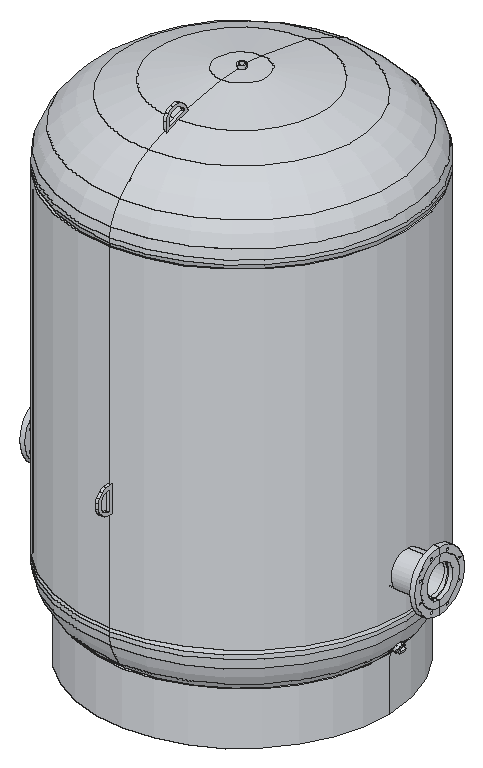
Revit family "CBT-1040-6", category Generic Models, Revit 2014
Parameters (values of type "CBT-1040-6")
  URL = "http://westank.com/"
  Tank Volume = 1040.00 gal
  Part Number = 55601040
  Model = "CBT-1040-6"
  Maximum Shipping Weight = 1945 lbf
  Flange Connector Diameter = 6"
  Description = "Wessels ASME Chilled Water Buffer Tanks (CBT) are designed for chilled water systems with insufficient water volume capacity in relation to the chiller capacity"
  D = 24 3/4"
  C = 54"
  B = 96"
  A = 60"
Reference planes (in)
  plane 1 "Center (Front/Back)": y = 0
  plane 2: z = 0
  plane 3 "Center (Left/Right)": x = 0
  plane 4: through (12.55282, -180, 5.24135) normal (0.8192, 0, -0.5736)
  plane 5: z = 0
  plane 6: x = -0.0258
  plane 7: x = -27
  plane 8: x = 27
  plane 9: x = -30
  plane 10: x = 30
  plane 11: z = 96
  plane 12: z = 24.75
Forms (in)
  Revolve 1, solid
    sketch origin (0, -0.02949, -0.00977) x (0, 1, 0) y (0, 0, 1)
      loop
        line (-29.97363, 17.73105) -> (-29.6633, 17.73105) -> (-29.97363, 16.99998)
        arc (-29.97363, 16.99998) -> (-29.9905, 16.6112) -> (-29.97363, 16.22243) r 4.48712
        arc (-29.97363, 16.22243) -> (-29.85895, 15.37903) -> (-29.6633, 14.55067) r 8.79754
        arc (-29.6633, 14.55067) -> (-28.88711, 12.6325) -> (-27.73091, 10.91637) r 9.94886
        arc (-27.73091, 10.91637) -> (-24.67675, 8.01497) -> (-21.0459, 5.87885) r 18.51926
        arc (-21.0459, 5.87885) -> (-18.06575, 4.56266) -> (-14.9758, 3.53023) r 34.88269
        arc (-14.9758, 3.53023) -> (-9.78068, 2.34042) -> (-4.49193, 1.68164) r 52.6783
        arc (-4.49193, 1.68164) -> (-2.23516, 1.55333) -> (0.02461, 1.49966) r 68.40081
        line (0.02461, 1.49966) -> (0.02461, 1.85123)
        arc (0.02461, 1.85123) -> (-2.22228, 1.90466) -> (-4.46617, 2.03225) r 68.04924
        arc (-4.46617, 2.03225) -> (-9.71963, 2.68664) -> (-14.88008, 3.86851) r 52.32673
        arc (-14.88008, 3.86851) -> (-17.94257, 4.89196) -> (-20.89606, 6.19699) r 34.53113
        arc (-20.89606, 6.19699) -> (-24.46204, 8.29337) -> (-27.46136, 11.14207) r 18.1677
        arc (-27.46136, 11.14207) -> (-28.5767, 12.79754) -> (-29.32546, 14.64794) r 9.5973
        arc (-29.32546, 14.64794) -> (-29.51329, 15.4432) -> (-29.62339, 16.25289) r 8.44598
        arc (-29.62339, 16.25289) -> (-29.63885, 16.58387) -> (-29.62776, 16.91503) r 4.13556
        line (-29.62776, 16.91503) -> (-29.33969, 17.59369) -> (-29.33969, 17.74998) -> (-29.6633, 17.74998) -> (-29.6633, 79.75016) -> (-29.33969, 79.75016) -> (-29.33969, 79.90645) -> (-29.62776, 80.58511)
        arc (-29.62776, 80.58511) -> (-29.63885, 80.91627) -> (-29.62339, 81.24725) r 4.13556
        arc (-29.62339, 81.24725) -> (-29.51329, 82.05694) -> (-29.32546, 82.8522) r 8.44598
        arc (-29.32546, 82.8522) -> (-28.5767, 84.70259) -> (-27.46136, 86.35807) r 9.5973
        arc (-27.46136, 86.35807) -> (-24.46204, 89.20676) -> (-20.89606, 91.30315) r 18.1677
        arc (-20.89606, 91.30315) -> (-17.94257, 92.60818) -> (-14.88008, 93.63163) r 34.53113
        arc (-14.88008, 93.63163) -> (-9.71963, 94.81349) -> (-4.46617, 95.46788) r 52.32673
        arc (-4.46617, 95.46788) -> (-2.22228, 95.59548) -> (0.02461, 95.6489) r 68.04924
        line (0.02461, 95.6489) -> (0.02461, 96.00047)
        arc (0.02461, 96.00047) -> (-2.23516, 95.94681) -> (-4.49193, 95.8185) r 68.40081
        arc (-4.49193, 95.8185) -> (-9.78068, 95.15972) -> (-14.9758, 93.96991) r 52.6783
        arc (-14.9758, 93.96991) -> (-18.06575, 92.93748) -> (-21.0459, 91.62128) r 34.88269
        arc (-21.0459, 91.62128) -> (-24.67675, 89.48517) -> (-27.73091, 86.58376) r 18.51926
        arc (-27.73091, 86.58376) -> (-28.88711, 84.86764) -> (-29.6633, 82.94946) r 9.94886
        arc (-29.6633, 82.94946) -> (-29.85895, 82.1211) -> (-29.97363, 81.27771) r 8.79754
        arc (-29.97363, 81.27771) -> (-29.9905, 80.88893) -> (-29.97363, 80.50016) r 4.48712
        line (-29.97363, 80.50016) -> (-29.6633, 79.76908) -> (-29.97363, 79.76908) -> (-29.97363, 17.73105)
      axis (0.02461, 1.49966) -> (0.02461, 96.00047)
    angle from 0 to 360
  Revolve 2, solid
    sketch origin (3.65844, 0, -11.55514) x (0.999996, 0, -0.002792) y (0.002792, 0, 0.999996)
      loop
        line (24.95603, 23.79747) -> (24.90436, 23.83351) -> (24.49286, 23.24353) -> (25.10843, 22.81419) -> (25.48438, 23.35322) -> (25.43312, 23.38897) -> (25.55755, 23.56737) -> (25.04492, 23.92491) -> (24.95603, 23.79747)
      axis (24.49286, 23.24353) -> (25.10843, 22.81419)
    angle from 0 to 360
  Extrusion 3, solid
    sketch origin (28.26367, -180, 12.16905) x (0.574357, 0, 0.818605) y (0, -1, 0)
      loop
        line (-0.16036, -179.52645) -> (-0.95521, -179.68698) -> (-0.79485, -180.48095) -> (0, -180.32042) -> (-0.16036, -179.52645)
    from 1.02698 to 1.52678
  Extrusion 4, solid
    sketch origin (0, -18.00821, 14.98097) x (0, 1, 0) y (0, 0, 1)
      loop
        line (-11.93439, 21.33067) -> (-11.93439, 26.202)
        arc (-11.93439, 26.202) -> (-12.47846, 26.15164) -> (-13.01533, 26.05008) r 5.77422
        arc (-13.01533, 26.05008) -> (-13.49297, 25.89754) -> (-13.94252, 25.67548) r 3.35288
        arc (-13.94252, 25.67548) -> (-14.34081, 25.36666) -> (-14.64962, 24.96837) r 2.0073
        arc (-14.64962, 24.96837) -> (-14.80343, 24.58932) -> (-14.88788, 24.18906) r 2.30742
        arc (-14.88788, 24.18906) -> (-14.91277, 23.77188) -> (-14.88788, 23.3547) r 3.50846
        arc (-14.88788, 23.3547) -> (-14.79412, 22.92876) -> (-14.61961, 22.52904) r 2.24053
        arc (-14.61961, 22.52904) -> (-14.27401, 22.08806) -> (-13.80999, 21.77406) r 1.8078
        arc (-13.80999, 21.77406) -> (-13.34321, 21.55591) -> (-12.84107, 21.44044) r 2.44481
        arc (-12.84107, 21.44044) -> (-12.39043, 21.36326) -> (-11.93439, 21.33067) r 4.65484
      loop
        arc (-12.44611, 25.63929) -> (-12.67227, 25.60073) -> (-12.89654, 25.55235) r 5.2625
        arc (-12.89654, 25.55235) -> (-13.30128, 25.42308) -> (-13.68221, 25.23491) r 2.84116
        arc (-13.68221, 25.23491) -> (-13.97364, 25.01013) -> (-14.20134, 24.72098) r 1.49558
        arc (-14.20134, 24.72098) -> (-14.3163, 24.43235) -> (-14.37979, 24.12821) r 1.7957
        arc (-14.37979, 24.12821) -> (-14.40106, 23.77188) -> (-14.37979, 23.41555) r 2.99674
        arc (-14.37979, 23.41555) -> (-14.30745, 23.08689) -> (-14.17279, 22.77846) r 1.72881
        arc (-14.17279, 22.77846) -> (-13.91552, 22.45353) -> (-13.56884, 22.22643) r 1.29608
        arc (-13.56884, 22.22643) -> (-13.1779, 22.0402) -> (-12.75531, 21.94566) r 1.9331
        arc (-12.75531, 21.94566) -> (-12.60126, 21.91347) -> (-12.44611, 21.88716) r 4.14312
        line (-12.44611, 21.88716) -> (-12.44611, 25.63929)
    from -0.24366 to 0.25634
  Extrusion 5, solid
    sketch origin (0, -33.88542, 75.23871) x (0, 0.319235, -0.947675) y (0, 0.947675, 0.319235)
      loop
        arc (-11.9298, 25.67102) -> (-12.15596, 25.63246) -> (-12.38023, 25.58408) r 5.2625
        arc (-12.38023, 25.58408) -> (-12.78497, 25.45482) -> (-13.16591, 25.26664) r 2.84116
        arc (-13.16591, 25.26664) -> (-13.45733, 25.04186) -> (-13.68503, 24.75271) r 1.49558
        arc (-13.68503, 24.75271) -> (-13.8, 24.46408) -> (-13.86349, 24.15994) r 1.7957
        arc (-13.86349, 24.15994) -> (-13.88475, 23.80361) -> (-13.86349, 23.44728) r 2.99674
        arc (-13.86349, 23.44728) -> (-13.79114, 23.11862) -> (-13.65649, 22.81019) r 1.72881
        arc (-13.65649, 22.81019) -> (-13.39922, 22.48527) -> (-13.05253, 22.25816) r 1.29608
        arc (-13.05253, 22.25816) -> (-12.66159, 22.07193) -> (-12.239, 21.97739) r 1.9331
        arc (-12.239, 21.97739) -> (-12.08496, 21.94521) -> (-11.9298, 21.91889) r 4.14312
        line (-11.9298, 21.91889) -> (-11.9298, 25.67102)
      loop
        line (-11.41103, 21.34851) -> (-11.41103, 26.20181)
        arc (-11.41103, 26.20181) -> (-12.23704, 26.14877) -> (-13.02719, 25.90227) r 3.48194
        arc (-13.02719, 25.90227) -> (-13.54727, 25.6041) -> (-13.99851, 25.20943) r 3.03185
        arc (-13.99851, 25.20943) -> (-14.28248, 24.55653) -> (-14.39992, 23.8543) r 2.91879
        arc (-14.39992, 23.8543) -> (-14.3348, 23.1787) -> (-14.08611, 22.54717) r 2.44012
        arc (-14.08611, 22.54717) -> (-13.716, 22.08641) -> (-13.21844, 21.76749) r 1.83162
        arc (-13.21844, 21.76749) -> (-12.33366, 21.47637) -> (-11.41103, 21.34851) r 5.1769
    from -0.24366 to 0.25634
  Extrusion 6, solid
    sketch origin (0, 0, 0) x (1, 0, 0) y (0, 1, 0)
      loop
        circle (0, 0) r 0.75
      loop
        circle (0, 0) r 0.5
    from 95.70829 to 96.43302
  Extrusion 7, void
    sketch origin (0, 0, 0) x (1, 0, 0) y (0, 1, 0)
      loop
        circle (0, 0) r 0.5
    from 94.47772 to 96.88292
  Revolve 8, solid
    sketch origin (0, 0, 0) x (1, 0, 0) y (0, 0, 1)
      loop
        line (26.68524, 9.73105) -> (26.68524, 0) -> (26.99808, 0) -> (26.99808, 9.73105) -> (26.68524, 9.73105)
      axis (0, 9.73105) -> (0, 0)
    angle from 0 to 360
  Extrusion 9, void
    sketch origin (0, 0, 0.75) x (0, 1, 0) y (0, 0, 1)
      loop
        circle (0, 24) r 3.0325
    from -31.75655 to 32.4227
  Revolve 10, solid
    sketch origin (-4.98614, 0, 3.5004) x (-1, 0, 0) y (0, 0, 1)
      loop
        line (29.44943, 18.22631) -> (29.44943, 17.46835) -> (30.01385, 17.46835) -> (30.01385, 15.74948) -> (30.95129, 15.74948) -> (30.95129, 16.99948) -> (31.01386, 16.99948) -> (31.01386, 18.22631) -> (29.44943, 18.22631)
      axis (31.01386, 21.2496) -> (29.44943, 21.2496)
    angle from 0 to 360
  Revolve 11, solid
    sketch origin (-3.60333, 0, 3.47111) x (1, 0, 0) y (0, 0, 1)
      loop
        line (-31.45518, 18.24639) -> (-31.45518, 17.96639) -> (-25.14667, 17.96639) -> (-25.14667, 18.24639) -> (-31.45518, 18.24639)
      axis (-31.45518, 21.27889) -> (-25.14667, 21.27889)
    angle from 0 to 360
  Extrusion 12, void
    sketch origin (0, 0, 2.24977) x (0, 1, 0) y (0, 0, 1)
      loop
        circle (-1.82741, 26.88747) r 0.37755
      loop
        circle (-4.3848, 24.31916) r 0.36868
      loop
        circle (-4.39273, 20.68266) r 0.37144
      loop
        circle (-1.8188, 18.113) r 0.36535
      loop
        circle (1.80963, 18.11275) r 0.37637
      loop
        circle (4.38696, 20.68585) r 0.38076
      loop
        circle (4.39164, 24.318) r 0.36684
      loop
        circle (1.81614, 26.89587) r 0.36403
    from -37.7315 to -32.22895
  Revolve 13, solid
    sketch origin (4.98614, 0, 3.5004) x (1, 0, 0) y (0, 0, 1)
      loop
        line (29.44943, 18.22631) -> (29.44943, 17.46835) -> (30.01385, 17.46835) -> (30.01385, 15.74948) -> (30.95129, 15.74948) -> (30.95129, 16.99948) -> (31.01386, 16.99948) -> (31.01386, 18.22631) -> (29.44943, 18.22631)
      axis (31.01386, 21.2496) -> (29.44943, 21.2496)
    angle from 0 to 360
  Revolve 14, solid
    sketch origin (3.60333, 0, 3.47111) x (-1, 0, 0) y (0, 0, 1)
      loop
        line (-31.45518, 18.24639) -> (-31.45518, 17.96639) -> (-25.14667, 17.96639) -> (-25.14667, 18.24639) -> (-31.45518, 18.24639)
      axis (-31.45518, 21.27889) -> (-25.14667, 21.27889)
    angle from 0 to 360
  Extrusion 15, void
    sketch origin (0, 0, 2.24977) x (0, 1, 0) y (0, 0, -1)
      loop
        circle (-1.82741, -26.88747) r 0.37755
      loop
        circle (-4.3848, -24.31916) r 0.36868
      loop
        circle (-4.39273, -20.68266) r 0.37144
      loop
        circle (-1.8188, -18.113) r 0.36535
      loop
        circle (1.80963, -18.11275) r 0.37637
      loop
        circle (4.38696, -20.68585) r 0.38076
      loop
        circle (4.39164, -24.318) r 0.36684
      loop
        circle (1.81614, -26.89587) r 0.36403
    from -37.7315 to -32.22895
Cuts and joins
  joined: Extrusion 3, Extrusion 4, Extrusion 5, Extrusion 6, Revolve 8
  Extrusion 7, Extrusion 9, Extrusion 12 cuts Revolve 1
  Extrusion 12, Extrusion 15 cuts Revolve 10
  Extrusion 15 cuts Revolve 13
Dimensions and locks (in)
  "B": plane 11 to level
  equal spacing: plane 10, plane 3 "Center (Left/Right)", plane 9
  "A": plane 10 to plane 9
  equal spacing: plane 8, plane 3 "Center (Left/Right)", plane 7
  "C": plane 8 to plane 7
  "D": plane 12 to plane 5
  aligned and locked: plane 2 to level
Automatic sketch dimensions
  Revolve 1 sketch curve to Revolve 1 sketch curve = 0"  (x48)
  Revolve 1 sketch curve to plane 12 = 7.02871"
  plane 1 "Center (Front/Back)" to Revolve 1 sketch curve = 30.00312"
  Revolve 1 sketch curve to plane 12 = 7.75979"
  Revolve 1 sketch curve to Revolve 1 sketch curve = 0.31032"
  Revolve 1 sketch curve to plane 12 = 7.84474"
  Revolve 1 sketch curve to Revolve 1 sketch curve = 0.34586"  (x2)
  Revolve 1 sketch curve to Revolve 1 sketch curve = 0.32361"  (x2)
  Revolve 1 sketch curve to plane 12 = 7.16608"
  Revolve 1 sketch curve to Revolve 1 sketch curve = 3.83631"  (x2)
  Revolve 1 sketch curve to Revolve 1 sketch curve = 4.29421"  (x2)
  Revolve 1 sketch curve to Revolve 1 sketch curve = 1.10638"  (x2)
  Revolve 1 sketch curve to plane 12 = 1.95466"
  Revolve 1 sketch curve to Revolve 1 sketch curve = 6.57121"  (x2)
  plane 1 "Center (Front/Back)" to Revolve 1 sketch curve = 5.50785"  (x2)
  plane 1 "Center (Front/Back)" to Revolve 1 sketch curve = 0.66268"  (x2)
  plane 1 "Center (Front/Back)" to Revolve 1 sketch curve = 0.00488"  (x3)
  Revolve 1 sketch curve to plane 1 "Center (Front/Back)" = 0.48901"  (x2)
  Revolve 1 sketch curve to Revolve 1 sketch curve = 0.98249"  (x2)
  level to Revolve 1 sketch curve = 1.84147"
  Revolve 1 sketch curve to Revolve 1 sketch curve = 45/128"
  Revolve 1 sketch curve to Revolve 1 sketch curve = 0.37347"
  Revolve 1 sketch curve to Revolve 1 sketch curve = 0.31853"  (x2)
  Revolve 1 sketch curve to Revolve 1 sketch curve = 0.01892"  (x2)
  plane 12 to Revolve 1 sketch curve = 2.84168"
  Revolve 1 sketch curve to Revolve 1 sketch curve = 9.49365"  (x2)
  Revolve 1 sketch curve to Revolve 1 sketch curve = 6.18662"  (x2)
  Revolve 1 sketch curve to Revolve 1 sketch curve = 10.93669"
  Revolve 1 sketch curve to Revolve 1 sketch curve = 4.79634"
  Revolve 1 sketch curve to plane 11 = 16.25961"
  Revolve 1 sketch curve to Revolve 1 sketch curve = 0.15629"
  Revolve 1 sketch curve to Revolve 1 sketch curve = 5.5019"
  Revolve 1 sketch curve to Revolve 1 sketch curve = 0.73108"
  Revolve 1 sketch curve to Revolve 1 sketch curve = 0.08495"
  Revolve 1 sketch curve to plane 11 = 0.36086"
  Revolve 1 sketch curve to plane 11 = 0.00929"
  Revolve 1 sketch curve to plane 11 = 4.38848"
  level to Revolve 1 sketch curve = 5.86909"
  Revolve 1 sketch curve to Revolve 1 sketch curve = 0.14983"  (x2)
  Revolve 1 sketch curve to Revolve 1 sketch curve = 1.29164"
  Revolve 1 sketch curve to Revolve 1 sketch curve = 3 3/4"
  plane 8 to Revolve 2 sketch curve = 1.21612"
  plane 4 to Revolve 2 sketch curve = 9.17204"
  Revolve 2 sketch curve to Revolve 2 sketch curve = 0.4115"
  Revolve 2 sketch curve to Revolve 2 sketch curve = 0.05167"
  Revolve 2 sketch curve to Revolve 2 sketch curve = 0.08888"
  Revolve 2 sketch curve to Revolve 2 sketch curve = 0.61556"
  Revolve 2 sketch curve to Revolve 2 sketch curve = 0.47709"
  Revolve 2 sketch curve to Revolve 2 sketch curve = 0.05126"
  Revolve 2 sketch curve to Revolve 2 sketch curve = 0.42934"
  Revolve 2 sketch curve to Revolve 2 sketch curve = 0.12768"
  Revolve 2 sketch curve to Revolve 2 sketch curve = 0"  (x2)
  Revolve 2 sketch curve to Revolve 2 sketch curve = 0.08905"
  plane 1 "Center (Front/Back)" to Extrusion 3 sketch curve = 0.31302"
  Extrusion 3 sketch curve to plane 1 "Center (Front/Back)" = 0.48095"
  Extrusion 3 sketch curve to Extrusion 3 sketch curve = 0.16036"  (x2)
  plane 1 "Center (Front/Back)" to Extrusion 3 sketch curve = 0.47355"
  Extrusion 3 sketch curve to Extrusion 3 sketch curve = 0.79485"
  Extrusion 3 sketch curve to plane 1 "Center (Front/Back)" = 0.32042"
  Extrusion 4 sketch curve to Extrusion 4 sketch curve = 0"  (x24)
  plane 1 "Center (Front/Back)" to Extrusion 4 sketch curve = 31.04931"
  Extrusion 4 sketch curve to Extrusion 4 sketch curve = 0.11966"
  Extrusion 4 sketch curve to Extrusion 4 sketch curve = 0.25819"
  Extrusion 4 sketch curve to Extrusion 4 sketch curve = 17/256"
  Extrusion 4 sketch curve to Extrusion 4 sketch curve = 0.04958"
  Extrusion 4 sketch curve to Extrusion 4 sketch curve = 0.15073"
  Extrusion 4 sketch curve to Extrusion 4 sketch curve = 0.20915"
  Extrusion 4 sketch curve to Extrusion 4 sketch curve = 131/256"
  Extrusion 4 sketch curve to Extrusion 4 sketch curve = 0.10338"
  Extrusion 4 sketch curve to Extrusion 4 sketch curve = 0.25955"
  Extrusion 4 sketch curve to Extrusion 4 sketch curve = 1.14294"
  plane 12 to Extrusion 4 sketch curve = 10.66459"
  Extrusion 4 sketch curve to Extrusion 4 sketch curve = 0.89706"
  Extrusion 4 sketch curve to Extrusion 4 sketch curve = 0.55648"
  Extrusion 4 sketch curve to Extrusion 4 sketch curve = 0.90165"
  Extrusion 4 sketch curve to Extrusion 4 sketch curve = 0.62139"
  Extrusion 4 sketch curve to Extrusion 4 sketch curve = 27/128"
  Extrusion 4 sketch curve to Extrusion 4 sketch curve = 0.15076"
  Extrusion 4 sketch curve to Extrusion 4 sketch curve = 0.24641"
  Extrusion 4 sketch curve to Extrusion 4 sketch curve = 0.04716"
  Extrusion 4 sketch curve to Extrusion 4 sketch curve = 0.0326"
  Extrusion 4 sketch curve to Extrusion 4 sketch curve = 1.7246"
  Extrusion 4 sketch curve to Extrusion 4 sketch curve = 0.34507"
  Extrusion 4 sketch curve to Extrusion 4 sketch curve = 0.21764"
  Extrusion 4 sketch curve to Extrusion 4 sketch curve = 1.12273"
  Extrusion 4 sketch curve to Extrusion 4 sketch curve = 0.78568"
  Extrusion 4 sketch curve to Extrusion 4 sketch curve = 0.24115"
  Extrusion 4 sketch curve to Extrusion 4 sketch curve = 0.2603"
  Extrusion 4 sketch curve to Extrusion 4 sketch curve = 0.60395"
  Extrusion 4 sketch curve to Extrusion 4 sketch curve = 0.51913"
  Extrusion 4 sketch curve to Extrusion 4 sketch curve = 0.44682"
  Extrusion 4 sketch curve to Extrusion 4 sketch curve = 0.44829"
  Extrusion 5 sketch curve to plane 11 = 1.40836"
  plane 1 "Center (Front/Back)" to Extrusion 5 sketch curve = 15.66843"
  Extrusion 5 sketch curve to Extrusion 5 sketch curve = 0.03301"
  Extrusion 5 sketch curve to Extrusion 5 sketch curve = 0.08665"
  Extrusion 5 sketch curve to Extrusion 5 sketch curve = 0.34483"
  Extrusion 5 sketch curve to Extrusion 5 sketch curve = 17/256"
  Extrusion 5 sketch curve to Extrusion 5 sketch curve = 0.04958"
  Extrusion 5 sketch curve to Extrusion 5 sketch curve = 0.06885"
  Extrusion 5 sketch curve to Extrusion 5 sketch curve = 0.56197"
  Extrusion 5 sketch curve to Extrusion 5 sketch curve = 0.36028"
  Extrusion 5 sketch curve to Extrusion 5 sketch curve = 0.06601"
  Extrusion 5 sketch curve to Extrusion 5 sketch curve = 0.11815"
  Extrusion 5 sketch curve to Extrusion 5 sketch curve = 0.47821"
  Extrusion 5 sketch curve to Extrusion 5 sketch curve = 0.51877"
  Extrusion 5 sketch curve to Extrusion 5 sketch curve = 0.09632"
  Extrusion 5 sketch curve to Extrusion 5 sketch curve = 0.24644"
  Extrusion 5 sketch curve to Extrusion 5 sketch curve = 0.25249"
  Extrusion 5 sketch curve to Extrusion 5 sketch curve = 0.59588"
  Extrusion 5 sketch curve to Extrusion 5 sketch curve = 0.3061"
  Extrusion 5 sketch curve to Extrusion 5 sketch curve = 0.31529"
  Extrusion 5 sketch curve to Extrusion 5 sketch curve = 0.0954"
  Extrusion 5 sketch curve to Extrusion 5 sketch curve = 0.80625"
  Extrusion 5 sketch curve to Extrusion 5 sketch curve = 0.57038"
  Extrusion 5 sketch curve to Extrusion 5 sketch curve = 0.88316"
  Extrusion 5 sketch curve to Extrusion 5 sketch curve = 0.00686"
  Extrusion 5 sketch curve to Extrusion 5 sketch curve = 0.20406"
  Extrusion 5 sketch curve to Extrusion 5 sketch curve = 0.59172"
  Extrusion 5 sketch curve to Extrusion 5 sketch curve = 0.09548"
  Extrusion 5 sketch curve to Extrusion 5 sketch curve = 0.07607"
  Extrusion 5 sketch curve to Extrusion 5 sketch curve = 0.15093"
  Extrusion 5 sketch curve to Extrusion 5 sketch curve = 0.04716"
  Extrusion 5 sketch curve to Extrusion 5 sketch curve = 0.0326"
  Extrusion 5 sketch curve to Extrusion 5 sketch curve = 1.7246"
  Extrusion 5 sketch curve to Extrusion 5 sketch curve = 0.34507"
  Extrusion 5 sketch curve to Extrusion 5 sketch curve = 0.18571"
  Extrusion 5 sketch curve to Extrusion 5 sketch curve = 0.31774"
  Extrusion 5 sketch curve to Extrusion 5 sketch curve = 0"  (x6)
  Extrusion 5 sketch curve to Extrusion 5 sketch curve = 0.1659"
  Extrusion 5 sketch curve to Extrusion 5 sketch curve = 0.13872"
  Extrusion 5 sketch curve to Extrusion 5 sketch curve = 0.42962"
  Extrusion 5 sketch curve to Extrusion 5 sketch curve = 0.51913"
  Extrusion 5 sketch curve to Extrusion 5 sketch curve = 0.31348"
  Extrusion 6 sketch curve to Extrusion 6 sketch curve = 0"  (x2)
  plane 1 "Center (Front/Back)" to Extrusion 6 sketch curve = 0"
  Extrusion 6 sketch curve to plane 3 "Center (Left/Right)" = 0"
  Extrusion 7 sketch curve to Extrusion 7 sketch curve = 0"  (x2)
  plane 1 "Center (Front/Back)" to Extrusion 7 sketch curve = 0"
  Extrusion 7 sketch curve to plane 3 "Center (Left/Right)" = 0"
  plane 6 to Extrusion 7 sketch curve = 0.4742"
  Revolve 8 sketch curve to plane 3 "Center (Left/Right)" = 0"
  Revolve 8 sketch curve to level = 0"
  Revolve 8 sketch curve to plane 8 = 0.31476"
  Revolve 8 sketch curve to plane 8 = 0.00192"
  level to Revolve 8 sketch curve = 9.73105"
  level to Revolve 8 sketch curve = 4.69941"
  Revolve 8 sketch curve to Revolve 8 sketch curve = 1"
  Extrusion 9 sketch curve to Extrusion 9 sketch curve = 0"  (x2)
  Extrusion 9 sketch curve to plane 1 "Center (Front/Back)" = 0"
  Extrusion 9 sketch curve to plane 12 = 0"
  Extrusion 9 sketch curve to Extrusion 9 sketch curve = 3.0325"
  Revolve 10 sketch curve to plane 12 = 0"
  plane 9 to Revolve 10 sketch curve = 4.43557"
  Revolve 10 sketch curve to Revolve 10 sketch curve = 0.56443"
  Revolve 10 sketch curve to Revolve 10 sketch curve = 0.93744"
  Revolve 10 sketch curve to Revolve 10 sketch curve = 0.06256"
  plane 12 to Revolve 10 sketch curve = 3.02328"
  Revolve 10 sketch curve to Revolve 10 sketch curve = 0.75797"
  Revolve 10 sketch curve to Revolve 10 sketch curve = 0.46887"
  Revolve 10 sketch curve to Revolve 10 sketch curve = 1 1/4"
  plane 9 to Revolve 10 sketch curve = 1.23645"
  plane 9 to Revolve 10 sketch curve = 0.55366"
  Revolve 11 sketch curve to plane 12 = 0"
  Revolve 11 sketch curve to plane 9 = 5.05851"
  plane 9 to Revolve 11 sketch curve = 1 1/4"
  Revolve 11 sketch curve to plane 12 = 3.0325"
  Revolve 11 sketch curve to Revolve 11 sketch curve = 0.28"
  plane 9 to Revolve 11 sketch curve = 0.62488"
  Revolve 11 sketch curve to Revolve 11 sketch curve = 0.36015"
  Extrusion 12 sketch curve to plane 12 = 1.81757"
  plane 1 "Center (Front/Back)" to Extrusion 12 sketch curve = 4.39273"
  Extrusion 12 sketch curve to Extrusion 12 sketch curve = 0.00793"
  plane 1 "Center (Front/Back)" to Extrusion 12 sketch curve = 1.82741"
  plane 1 "Center (Front/Back)" to Extrusion 12 sketch curve = 1.8188"
  Extrusion 12 sketch curve to plane 1 "Center (Front/Back)" = 1.80963"
  Extrusion 12 sketch curve to plane 1 "Center (Front/Back)" = 1.81614"
  Extrusion 12 sketch curve to plane 12 = 1.81437"
  Extrusion 12 sketch curve to Extrusion 12 sketch curve = 2.57733"
  Extrusion 12 sketch curve to Extrusion 12 sketch curve = 0.00468"
  Extrusion 12 sketch curve to Extrusion 12 sketch curve = 2.56966"
  Extrusion 12 sketch curve to Extrusion 12 sketch curve = 0.00025"
  plane 12 to Extrusion 12 sketch curve = 1.81777"
  plane 12 to Extrusion 12 sketch curve = 1.81893"
  Extrusion 12 sketch curve to Extrusion 12 sketch curve = 2.56832"
  Extrusion 12 sketch curve to Extrusion 12 sketch curve = 0.0084"
  Revolve 13 sketch curve to plane 12 = 0"
  plane 10 to Revolve 13 sketch curve = 4.43557"
  Revolve 13 sketch curve to Revolve 13 sketch curve = 0.56443"
  Revolve 13 sketch curve to Revolve 13 sketch curve = 0.93744"
  Revolve 13 sketch curve to Revolve 13 sketch curve = 0.06256"
  Revolve 13 sketch curve to plane 12 = 3.02328"
  Revolve 13 sketch curve to Revolve 13 sketch curve = 0.75797"
  Revolve 13 sketch curve to Revolve 13 sketch curve = 0.46887"
  Revolve 13 sketch curve to Revolve 13 sketch curve = 1 1/4"
  plane 10 to Revolve 13 sketch curve = 1.23645"
  plane 10 to Revolve 13 sketch curve = 0.55366"
  Revolve 14 sketch curve to plane 12 = 0"
  Revolve 14 sketch curve to plane 10 = 5.05851"
  plane 10 to Revolve 14 sketch curve = 1 1/4"
  plane 12 to Revolve 14 sketch curve = 3.0325"
  Revolve 14 sketch curve to Revolve 14 sketch curve = 0.28"
  plane 10 to Revolve 14 sketch curve = 0.62488"
  Revolve 14 sketch curve to Revolve 14 sketch curve = 0.36015"
  Extrusion 15 sketch curve to plane 12 = 1.81757"
  plane 1 "Center (Front/Back)" to Extrusion 15 sketch curve = 4.39273"
  Extrusion 15 sketch curve to Extrusion 15 sketch curve = 0.00793"
  plane 1 "Center (Front/Back)" to Extrusion 15 sketch curve = 1.82741"
  plane 1 "Center (Front/Back)" to Extrusion 15 sketch curve = 1.8188"
  Extrusion 15 sketch curve to plane 1 "Center (Front/Back)" = 1.80963"
  Extrusion 15 sketch curve to plane 1 "Center (Front/Back)" = 1.81614"
  Extrusion 15 sketch curve to plane 12 = 1.81437"
  Extrusion 15 sketch curve to Extrusion 15 sketch curve = 2.57733"
  Extrusion 15 sketch curve to Extrusion 15 sketch curve = 0.00468"
  plane 12 to Extrusion 15 sketch curve = 1.81777"
  plane 12 to Extrusion 15 sketch curve = 1.81893"
  Extrusion 15 sketch curve to Extrusion 15 sketch curve = 2.56832"
  Extrusion 15 sketch curve to Extrusion 15 sketch curve = 0.0084"
  Extrusion 15 sketch curve to Extrusion 15 sketch curve = 2.56966"
  Extrusion 15 sketch curve to Extrusion 15 sketch curve = 0.00025"
  radius of Extrusion 6 sketch curve = 3/4"
  radius of Extrusion 6 sketch curve = 1/2"
  radius of Extrusion 12 sketch curve = 0.37755"
  radius of Extrusion 12 sketch curve = 0.36868"
  radius of Extrusion 12 sketch curve = 0.37144"
  radius of Extrusion 12 sketch curve = 0.36535"
  radius of Extrusion 12 sketch curve = 0.37637"
  radius of Extrusion 12 sketch curve = 0.38076"
  radius of Extrusion 12 sketch curve = 0.36684"
  radius of Extrusion 12 sketch curve = 0.36403"
  radius of Extrusion 15 sketch curve = 0.37755"
  radius of Extrusion 15 sketch curve = 0.36868"
  radius of Extrusion 15 sketch curve = 0.37144"
  radius of Extrusion 15 sketch curve = 0.36535"
  radius of Extrusion 15 sketch curve = 0.37637"
  radius of Extrusion 15 sketch curve = 0.38076"
  radius of Extrusion 15 sketch curve = 0.36684"
  radius of Extrusion 15 sketch curve = 0.36403"
Connectors (in)
  piping at (-36, 0, 24.75), diameter 6, driven by "Flange Connector Diameter"
    settings: on Revolve 10, index 2, connector inside diameter 24", connector length 0", flow factor 0, pipe flow 0 GPM, pressure drop 0.00 psi, fitting loss kfactor 0, connector angle 0.00°, fixture units 0, engagement length 0", angle of deflection 0.00°, flow configuration 0, flow direction 0, fitting loss method 0, system type 7, joint type 0, gender type 0, connector reference index 3, connector utility 0, adjustable connector no, is connector primary yes, connector description ""
  piping at (36, 0, 24.75), diameter 6, driven by "Flange Connector Diameter"
    settings: on Revolve 13, index 3, connector inside diameter 24", connector length 0", flow factor 0, pipe flow 0 GPM, pressure drop 0.00 psi, fitting loss kfactor 0, connector angle 0.00°, fixture units 0, engagement length 0", angle of deflection 0.00°, flow configuration 0, flow direction 0, fitting loss method 0, system type 7, joint type 0, gender type 0, connector reference index 2, connector utility 0, adjustable connector no, is connector primary no, connector description ""
